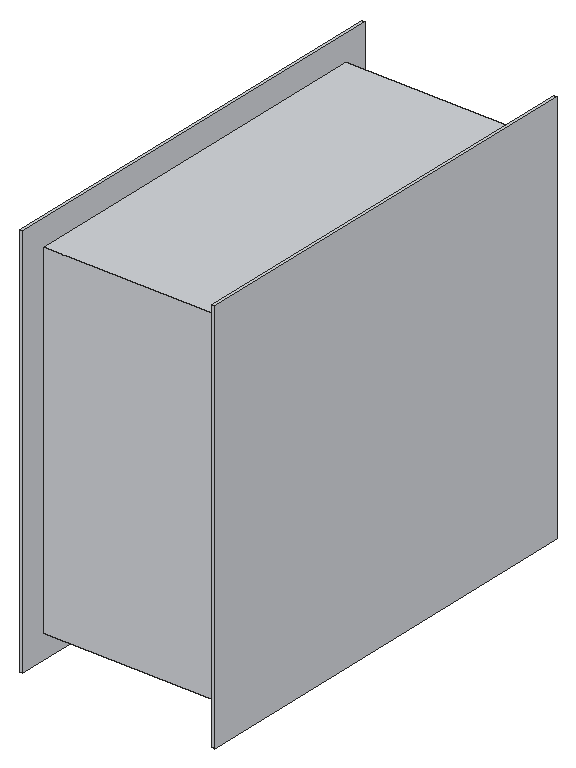
Revit family "xxxMH_Damper", category Duct Accessories, Revit 2019
Family settings
  Round Connector Dimension = Use Diameter
  Part Type = Damper
  Work Plane-Based = No
  Always vertical = Yes
  Cut with Voids When Loaded = No
  Shared = No
Parameters (values of type "Smoke/Fire")
  Width [instance] = 600 mm
  Wall Thickness [instance] = 150 mm
  Length [instance] = Wall Thickness + 160 mm  # 310 mm
  Height [instance] = 550 mm
  Assembly Code = ""
Types (3): name
  Smoke/Fire
  Smoke
  Fire
Reference planes
  plane 1 "Center (Front/Back)": y = 0
  plane 2: z = 0
  plane 3 "Center (Left/Right)": x = 0
  plane 4 "R": x = 155
  plane 5: x = -75
  plane 6: x = 75
  plane 7 "L": x = -155
  plane 8: x = -150
  plane 9: x = 150
Forms (mm)
  Extrusion 1, solid
    sketch origin (0, 0, 0) x (0, 1, 0) y (0, 0, 1)
      loop
        line (300, 275) -> (-300, 275) -> (-300, -275) -> (300, -275) -> (300, 275)
    from -150 to 150
  Extrusion 2, solid
    sketch origin (-155, 0, 0) x (0, 1, 0) y (0, 0, 1)
      loop
        line (340, 315) -> (-340, 315) -> (-340, -315) -> (340, -315) -> (340, 315)
    from 0 to 5
  Extrusion 3, solid
    sketch origin (155, 0, 0) x (0, 1, 0) y (0, 0, 1)
      loop
        line (-340, 315) -> (-340, -315) -> (340, -315) -> (340, 315) -> (-340, 315)
    from -5 to 0
Dimensions and locks
  equal spacing: Extrusion 1 sketch curve, plane 1 "Center (Front/Back)", Extrusion 1 sketch curve
  "Width": Extrusion 1 sketch curve to Extrusion 1 sketch curve
  equal spacing: Extrusion 1 sketch curve, level, Extrusion 1 sketch curve
  "Height": Extrusion 1 sketch curve to Extrusion 1 sketch curve
  equal spacing: plane 7 "L", plane 3 "Center (Left/Right)", plane 4 "R"
  "Length": plane 7 "L" to plane 4 "R"
  plane 7 "L" to plane 5 = 80 mm
  plane 6 to plane 4 "R" = 80 mm
  Extrusion 2 sketch curve to Extrusion 1 = 40 mm  (x3)
  Extrusion 1 to Extrusion 2 sketch curve = 40 mm
  locked: plane 7 "L" to plane 8 at 5
  locked: plane 9 to plane 4 "R" at 5
  aligned and locked: Extrusion 1 to nested 1
  aligned and locked: plane 6 to nested 1
  aligned and locked: plane 6 to nested 2
  aligned and locked: plane 5 to nested 1
  aligned and locked: Extrusion 1 to plane 8
  aligned and locked: plane 9 to Extrusion 1
  aligned and locked: Extrusion 3 sketch curve to Extrusion 2  (x3)
  aligned and locked: Extrusion 2 to Extrusion 3 sketch curve
  aligned and locked: plane 5 to nested 2
  aligned and locked: Extrusion 1 to nested 2
Nested families
  nested 1: "CGrp_DetComp_FilledTriangle" at (-75, -34.288, 0), type "CGrp_DetComp_FilledTriangle"
    with Wd 150 mm, Ht 300 mm
  nested 2: "CGrp_DetComp_FilledTriangle" at (-75, 0, -34.288) x (1, 0, 0) z (0, -1, 0), type "CGrp_DetComp_FilledTriangle"
    with Wd 150 mm, Ht 275 mm
Connectors
  hvac at (-155, 0, 0), driven by "Height", driven by "Width"
    settings: on Extrusion 2, index 1, duct flow 0.0 L/s, flow factor 0, pres drop 0.0 Pa, loss coef 0, conn angle 0.00°, conn width 600 mm, conn height 550 mm, conn diameter 600 mm, duct sys type 28, conn prof type 1, flow config 0, flow direction 0, loss method 0, conn ref index 2, conn util no, is conn primary no, conn desc ""
  hvac at (155, 0, 0), driven by "Height", driven by "Width"
    settings: on Extrusion 3, index 2, duct flow 0.0 L/s, flow factor 0, pres drop 0.0 Pa, loss coef 0, conn angle 0.00°, conn width 600 mm, conn height 550 mm, conn diameter 600 mm, duct sys type 28, conn prof type 1, flow config 0, flow direction 0, loss method 0, conn ref index 1, conn util no, is conn primary yes, conn desc ""
Definition of nested family "CGrp_DetComp_FilledTriangle"
  Parameters
    Wd [instance] = 350 mm
    Ht [instance] = 350 mm
  Reference planes
    plane 1 "Center (Front/Back)": y = 34.288
    plane 2: z = 0
    plane 3 "Center (Left/Right)": x = 0
    plane 4: x = 350
    plane 5: y = 384.288
    plane 6: y = -315.712
    plane 7: x = 5
  Lines and regions (mm)
    Filled region 1, type "Solid Fill - Black", in view "Ref. Level"
      outline origin (0, 0, 0) x (1, 0, 0) y (0, 1, 0)
        loop
          line (350, 384.288) -> (0, 384.288) -> (0, -315.712) -> (350, -315.712) -> (5, 34.288) -> (350, 384.288)
    detail lines, in view "Ref. Level"
      curve 1: line (350, 384.288, 0) -> (350, -315.712, 0)
  Dimensions and locks
    "Wd": plane 3 "Center (Left/Right)" to plane 4
    "Ht": plane 5 to plane 1 "Center (Front/Back)"
    "Ht": plane 1 "Center (Front/Back)" to plane 6
    aligned and locked: plane 5 to Filled region 1 sketch curve
    aligned and locked: Filled region 1 sketch curve to plane 3 "Center (Left/Right)"
    aligned: Filled region 1 to curve 1
    aligned: curve 1 to Filled region 1
  Automatic sketch dimensions
    Filled region 1 sketch curve to plane 1 "Center (Front/Back)" = 0 mm
    Filled region 1 sketch curve to plane 7 = 0 mm
    Filled region 1 sketch curve to plane 4 = 0 mm  (x2)
    Filled region 1 sketch curve to plane 6 = 0 mm
    curve 1 to plane 4 = 0 mm
    curve 1 to plane 6 = 0 mm
    curve 1 to plane 5 = 0 mm
